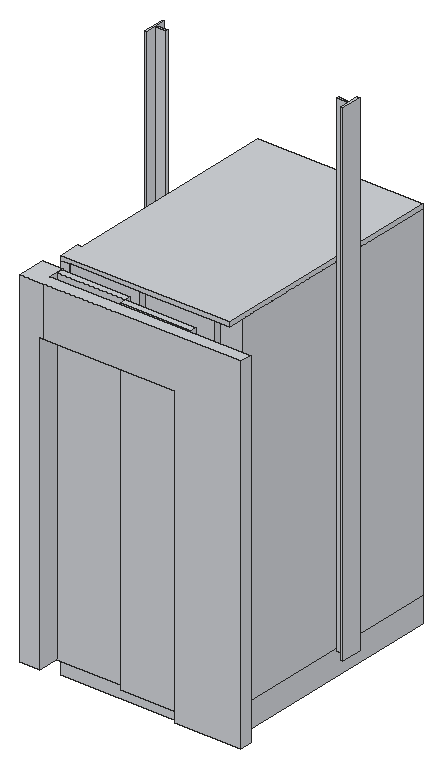
Revit family "SEQ_A3-M-Electric-Lift-wall-based", category Specialty Equipment, host Wall, Revit 2016
Family settings
  Host = Wall
  Part Type = Normal
  Round Connector Dimension = Use Diameter
  OmniClass Number = 23.50.05.14
  OmniClass Title = Lifts
  Always vertical = Yes
  Cut with Voids When Loaded = No
  Shared = No
  Room Calculation Point = No
Parameters (values of type "Lift 1300 x 950mm")
  Width = 950 mm
  Manufacturer = "Revit"
  Level Height = 3000 mm
  Length = 1300 mm
  Door Material = none
  D1 = 520 mm
  Assembly Code = "D1010"
Types (3, lengths in mm): name | Width | Length | D1
  Lift 1300 x 950mm | 950 | 1300 | 520
  Lift 1400 x 1100mm | 1100 | 1400 | 620
  Lift 2100 x 1100mm | 1100 | 2100 | 1000
Reference planes
  plane 1: y = 0
  plane 2 "Center (Left/Right)": x = 125
  plane 3 "Back": y = 100
  plane 4: x = -465.004
  plane 5: x = 875
  plane 6: z = 3000
Forms (mm)
  Extrusion 1, solid, material <- "Door Material"
    sketch origin (0, -115, 0) x (1, 0, 0) y (0, 1, 0)
      loop
        line (74, 325.86) -> (74, 289.86) -> (498, 289.86) -> (498, 325.86) -> (74, 325.86)
      loop
        line (-340.003, 281) -> (-340.003, 245) -> (80, 245) -> (80, 281) -> (-340.003, 281)
      loop
        line (75, 179.5) -> (-340, 179.5) -> (-340, 143.5) -> (75, 143.5) -> (75, 179.5)
      loop
        line (505, 138) -> (79, 138) -> (79, 102) -> (505, 102) -> (505, 138)
    from 0 to 2100
  Extrusion 2, solid
    sketch origin (0, 0, 0) x (1, 0, 0) y (0, 1, 0)
      loop
        line (-465.004, -95.421) -> (-325.004, -95.421) -> (875, -95.421) -> (875, -25.421) -> (-342.004, -25.421) -> (-342.004, 74.579) -> (-465.004, 74.579) -> (-465.004, -95.421)
    from 0 to 2100
  Extrusion 3, void
    sketch origin (-325.004, -95.421, 2100) x (0, 0, 1) y (1, 0, 0)
      loop
        line (-2100, -17) -> (-300, -17) -> (-300, 800.004) -> (-2100, 800.004) -> (-2100, -17)
    from 0 to 195.421
  Extrusion 4, solid
    sketch origin (0, 0, 0) x (1, 0, 0) y (0, 1, 0)
      loop
        line (-375, 1590) -> (-375, 260.001) -> (-400, 260.001) -> (-400, 130) -> (-342.004, 130) -> (-342.004, 214.002) -> (-317.004, 214.002) -> (-317.004, 260.001) -> (-350, 260.001) -> (-350, 810) -> (-335.239, 810) -> (-335.239, 1040) -> (-350, 1040) -> (-350, 1560) -> (600, 1560) -> (600, 260) -> (475, 260) -> (475, 232.175) -> (625, 232.175) -> (625, 1590) -> (-375, 1590)
    from 0 to 2100
  Extrusion 5, solid
    sketch origin (0, 0, 2100) x (1, 0, 0) y (0, 1, 0)
      loop
        line (-375, 1590) -> (-375, 260.001) -> (-400, 260.001) -> (-400, 130) -> (625, 130) -> (625, 1590) -> (-375, 1590)
    from 0 to 25
  Extrusion 6, solid
    sketch origin (0, 0, 0) x (1, 0, 0) y (0, 1, 0)
      loop
        line (625, 1590) -> (-375, 1590) -> (-375, 260.001) -> (-400, 260.001) -> (-400, 130) -> (625, 130) -> (625, 1590)
    from -150 to 0
  Extrusion 7, solid, detail levels medium+fine
    sketch origin (0, 0, 0) x (1, 0, 0) y (0, 1, 0)
      loop
        line (-392.021, 931.196) -> (-457.107, 931.196) -> (-460.021, 988.5) -> (-473.021, 988.5) -> (-473.021, 861.5) -> (-460.021, 861.5) -> (-457.021, 918.7) -> (-392.021, 918.7) -> (-392.021, 931.196)
      loop
        line (642.021, 918.7) -> (707.021, 918.7) -> (710.021, 861.5) -> (723.021, 861.5) -> (723.021, 988.5) -> (710.021, 988.5) -> (707.107, 931.196) -> (642.021, 931.196) -> (642.021, 918.7)
    from 0 to 3000
Cuts and joins
  Extrusion 3 cuts Extrusion 2
Lines and regions (mm)
  Opening 1
    outline origin (-5000, -100, 0) x (1, 0, 0) y (0, 0, 1)
      loop
        line (5875, 0) -> (5875, 2100) -> (4534.996, 2100) -> (4534.996, 0) -> (5875, 0)
  symbolic lines, style "InvisibleLines"
    curve 1: line (-534, 100, 0) -> (-534, 1640, 0)
    curve 2: line (-534, 1640, 0) -> (1016, 1640, 0)
    curve 3: line (1016, 1640, 0) -> (1016, 100, 0)
  symbolic lines, style "SpecialityEquipment", detail levels fine
    curve 4: line (804.672, 1590.548, 0) -> (854.672, 1590.548, 0)
    curve 5: line (854.672, 1590.548, 0) -> (854.672, 1584.548, 0)
    curve 6: line (854.672, 1584.548, 0) -> (832.672, 1584.548, 0)
    curve 7: line (832.672, 1584.548, 0) -> (832.672, 1541.048, 0)
    curve 8: line (832.672, 1541.048, 0) -> (826.672, 1541.048, 0)
    curve 9: line (826.672, 1541.048, 0) -> (826.672, 1584.548, 0)
    curve 10: line (826.672, 1584.548, 0) -> (804.672, 1584.548, 0)
    curve 11: line (804.672, 1584.548, 0) -> (804.672, 1590.548, 0)
    curve 16: line (829.672, 1011.042, 0) -> (829.672, 1590.548, 0)
    curve 67: line (804.672, 1011.042, 0) -> (854.672, 1011.042, 0)
    curve 68: line (854.672, 1011.042, 0) -> (854.672, 1017.042, 0)
    curve 69: line (854.672, 1017.042, 0) -> (832.672, 1017.042, 0)
    curve 70: line (832.672, 1017.042, 0) -> (832.672, 1060.542, 0)
    curve 71: line (832.672, 1060.542, 0) -> (826.672, 1060.542, 0)
    curve 72: line (826.672, 1060.542, 0) -> (826.672, 1017.042, 0)
    curve 73: line (826.672, 1017.042, 0) -> (804.672, 1017.042, 0)
    curve 74: line (804.672, 1017.042, 0) -> (804.672, 1011.042, 0)
  symbolic lines, style "SpecialityEquipment"
    curve 12: line (884.673, 1084.828, 0) -> (774.672, 1084.828, 0)
    curve 13: line (774.672, 1084.828, 0) -> (774.672, 1521.045, 0)
    curve 14: line (774.672, 1521.045, 0) -> (884.673, 1521.045, 0)
    curve 15: line (884.673, 1521.045, 0) -> (884.673, 1084.828, 0)
  symbolic lines, style "SpecialityEquipment", detail levels medium+fine
    curve 17: line (625, 232.175, 0) -> (625, 1590, 0)
    curve 18: line (625, 1590, 0) -> (-375, 1590, 0)
    curve 19: line (-375, 1590, 0) -> (-375, 260.001, 0)
    curve 20: line (-350, 1040, 0) -> (-350, 1560, 0)
    curve 21: line (-350, 1560, 0) -> (600, 1560, 0)
    curve 22: line (600, 1560, 0) -> (600, 260, 0)
    curve 23: line (-350, 260.001, 0) -> (-350, 810, 0)
    curve 24: line (-335.239, 1040, 0) -> (-375, 1040, 0)
    curve 25: line (-335.239, 810, 0) -> (-335.239, 1040, 0)
    curve 26: line (-375, 810, 0) -> (-335.239, 810, 0)
  symbolic lines, detail levels medium+fine
    curve 27: line (-342.004, 130, 0) -> (-342.004, 214.002, 0)
    curve 28: line (-342.004, 214.002, 0) -> (-317.004, 214.002, 0)
    curve 29: line (-317.004, 214.002, 0) -> (-317.004, 260.001, 0)
    curve 30: line (-317.004, 260.001, 0) -> (-400, 260.001, 0)
    curve 31: line (-400, 260.001, 0) -> (-400, 130, 0)
    curve 32: line (74, 174.86, 0) -> (74, 210.86, 0)
    curve 33: line (74, 210.86, 0) -> (498, 210.86, 0)
    curve 34: line (498, 210.86, 0) -> (498, 174.86, 0)
    curve 35: line (498, 174.86, 0) -> (74, 174.86, 0)
    curve 36: line (-340.003, 165.999, 0) -> (80, 165.999, 0)
    curve 37: line (80, 165.999, 0) -> (80, 129.999, 0)
    curve 38: line (-340.003, 129.999, 0) -> (-340.003, 165.999, 0)
    curve 39: line (75, 64.5, 0) -> (-340, 64.5, 0)
    curve 40: line (-340, 64.5, 0) -> (-340, 28.5, 0)
    curve 41: line (-340, 28.5, 0) -> (75, 28.5, 0)
    curve 42: line (75, 28.5, 0) -> (75, 64.5, 0)
    curve 43: line (505, 23, 0) -> (79, 23, 0)
    curve 44: line (79, 23, 0) -> (79, -13, 0)
    curve 45: line (79, -13, 0) -> (505, -13, 0)
    curve 46: line (505, -13, 0) -> (505, 23, 0)
    curve 47: line (-342.004, 74.579, 0) -> (-342.004, -25.421, 0)
    curve 48: line (-342.004, -25.421, 0) -> (-325.004, -25.421, 0)
    curve 49: line (-325.004, -25.421, 0) -> (-325.004, -95.421, 0)
    curve 50: line (-325.004, -95.421, 0) -> (-465.004, -95.421, 0)
    curve 51: line (-465.004, -95.421, 0) -> (-465.004, 74.579, 0)
    curve 52: line (-465.004, 74.579, 0) -> (-342.004, 74.579, 0)
    curve 53: line (-400, 130, 0) -> (-342.004, 130, 0)
    curve 54: line (-340.003, 129.999, 0) -> (80, 129.999, 0)
    curve 55: line (-342.004, 74.579, 0) -> (875, 74.579, 0)
    curve 56: line (875, 74.579, 0) -> (875, -25.422, 0)
    curve 57: line (875, -25.422, 0) -> (615, -25.422, 0)
    curve 58: line (615, -25.422, 0) -> (615, -69.545, 0)
    curve 59: line (615, -69.545, 0) -> (475, -69.545, 0)
    curve 60: line (475, -69.545, 0) -> (475, -25.422, 0)
    curve 61: line (475, -25.422, 0) -> (615, -25.422, 0)
    curve 62: line (625, 232.175, 0) -> (475, 232.175, 0)
    curve 63: line (475, 232.175, 0) -> (475, 260, 0)
    curve 64: line (475, 260, 0) -> (600, 260, 0)
    curve 65: line (675, 260, 0) -> (675, 130, 0)
    curve 66: line (675, 130, 0) -> (80, 130, 0)
    curve 75: line (710.021, 988.5, 0) -> (723.021, 988.5, 0)
    curve 76: line (707.107, 931.196, 0) -> (710.021, 988.5, 0)
    curve 77: line (723.021, 988.5, 0) -> (723.021, 861.5, 0)
    curve 78: line (642.021, 931.196, 0) -> (707.107, 931.196, 0)
    curve 79: line (642.021, 931.196, 0) -> (642.021, 918.7, 0)
    curve 80: line (642.021, 918.7, 0) -> (707.021, 918.7, 0)
    curve 81: line (707.021, 918.7, 0) -> (710.021, 861.5, 0)
    curve 82: line (710.021, 861.5, 0) -> (723.021, 861.5, 0)
    curve 83: line (-460.021, 988.5, 0) -> (-473.021, 988.5, 0)
    curve 84: line (-457.107, 931.196, 0) -> (-460.021, 988.5, 0)
    curve 85: line (-473.021, 988.5, 0) -> (-473.021, 861.5, 0)
    curve 86: line (-392.021, 931.196, 0) -> (-457.107, 931.196, 0)
    curve 87: line (-392.021, 931.196, 0) -> (-392.021, 918.7, 0)
    curve 88: line (-392.021, 918.7, 0) -> (-457.021, 918.7, 0)
    curve 89: line (-457.021, 918.7, 0) -> (-460.021, 861.5, 0)
    curve 90: line (-460.021, 861.5, 0) -> (-473.021, 861.5, 0)
    curve 91: line (625, 260, 0) -> (675, 260, 0)
    curve 98: line (-465.004, 100, 0) -> (875, 100, 0)
  symbolic lines, detail levels coarse
    curve 92: line (-350, 1560, 0) -> (600, 1560, 0)
    curve 93: line (600, 1560, 0) -> (600, 260, 0)
    curve 94: line (-350, 260.001, 0) -> (-350, 1560, 0)
    curve 95: line (-350, 260, 0) -> (600, 260, 0)
    curve 96: line (-350, 1560, 0) -> (600, 260, 0)
    curve 97: line (600, 1560, 0) -> (-350, 260.001, 0)
Text (mm)
  text "Placement side" at (-2223.83, 916.262, 0), in view "Ref. Level"
  text "Placement side" at (0, 1605.175, 2923.955), in view "Left"
  text "Placement side" at (0, 595.982, 3004.978), in view "Right"
Dimensions and locks
  locked: plane 3 "Back" to host wall at 0
  plane 3 "Back" to curve 2 = 1540 mm
  curve 1 to curve 3 = 1550 mm
  curve 13 to curve 15 = 110.002 mm
  curve 12 to curve 14 = 436.217 mm  (x2)
  locked: curve 19 to curve 20 at 25
  locked: curve 21 to curve 18 at 30
  locked: curve 22 to curve 17 at 25
  locked: curve 19 to curve 25 at 39.761
  locked: curve 24 to curve 26 at 230
  curve 32 to curve 34 = 424 mm
  locked: curve 35 to curve 33 at 36
  locked: curve 54 to curve 36 at 36
  locked: curve 41 to curve 39 at 36
  locked: curve 43 to curve 45 at 36
  equal spacing: curve 31, plane 4, curve 1
  locked: curve 17 to curve 13 at 149.672
  locked: curve 19 to curve 23 at 25
  "Width": curve 20 to curve 22
  locked: curve 66 to curve 54 at 0
  locked: curve 66 to curve 64 at 130.001
  locked: curve 57 to curve 55 at 100
  plane 3 "Back" to curve 64 = 160 mm
  locked: curve 2 to curve 18 at 50
  locked: curve 1 to curve 19 at 159
  locked: curve 17 to curve 3 at 391
  locked: curve 30 to curve 53 at 130.001
  locked: curve 50 to curve 52 at 170
  curve 31 to curve 27 to curve 29 = 57.996 mm locked, 25 mm locked
  locked: curve 47 to curve 49 at 17
  curve 60 to curve 58 to curve 56 = 140 mm locked, 260 mm locked
  locked: curve 30 to curve 64 at 0
  "Length": curve 64 to curve 21
  locked: curve 31 to curve 19 at 25
  locked: curve 80 to curve 78 at 12.496
  locked: curve 79 to curve 77 at 81
  locked: curve 82 to curve 75 at 127
  locked: curve 17 to curve 79 at 17.021
  locked: curve 88 to curve 86 at 12.496
  locked: curve 90 to curve 83 at 127
  locked: curve 87 to curve 19 at 17.021
  equal spacing: curve 20, plane 2 "Center (Left/Right)", curve 22
  locked: curve 14 to curve 2 at 118.955
  locked: curve 85 to curve 87 at 81
  locked: curve 85 to curve 86 at 15.914
  locked: curve 85 to curve 89 at 16
  locked: curve 85 to curve 90 at 13
  locked: curve 85 to curve 84 at 13
  "D1": curve 21 to curve 24
  locked: curve 78 to curve 77 at 15.914
  locked: curve 76 to curve 77 at 13
  locked: curve 81 to curve 77 at 16
  locked: curve 82 to curve 77 at 13
  locked: curve 78 to curve 75 at 57.305
  locked: curve 59 to curve 61 at 44.123
  locked: curve 50 to curve 48 at 70
  "Width": curve 94 to curve 93
  "Length": curve 95 to curve 92
  locked: curve 83 to curve 86 at 57.304
  "Level Height": level to plane 6
  equal spacing: curve 13, curve 16, curve 15
  locked: curve 11 to curve 5 at 50
  locked: curve 9 to curve 7 at 6
  locked: curve 13 to curve 11 at 30
  locked: curve 72 to curve 70 at 6
  locked: curve 74 to curve 68 at 50
  locked: curve 13 to curve 74 at 30
  locked: curve 74 to curve 72 at 22
  locked: curve 11 to curve 9 at 22
  aligned and locked: plane 1 to host wall
  aligned and locked: Extrusion 1 sketch curve to curve 33
  aligned and locked: Extrusion 1 sketch curve to curve 34
  aligned and locked: Extrusion 1 sketch curve to curve 35
  aligned and locked: Extrusion 1 sketch curve to curve 32
  aligned and locked: Extrusion 1 sketch curve to curve 36
  aligned and locked: Extrusion 1 sketch curve to curve 37
  aligned and locked: Extrusion 1 sketch curve to curve 54
  aligned and locked: Extrusion 1 sketch curve to curve 38
  aligned and locked: Extrusion 1 sketch curve to curve 39
  aligned and locked: Extrusion 1 sketch curve to curve 40
  aligned and locked: Extrusion 1 sketch curve to curve 41
  aligned and locked: Extrusion 1 sketch curve to curve 42
  aligned and locked: Extrusion 1 sketch curve to curve 43
  aligned and locked: Extrusion 1 sketch curve to curve 44
  aligned and locked: Extrusion 1 sketch curve to curve 45
  aligned and locked: Extrusion 1 sketch curve to curve 46
  aligned and locked: curve 27 to curve 47
  aligned and locked: curve 86 to curve 78
  aligned and locked: plane 5 to Opening 1 sketch curve
  aligned and locked: plane 4 to Extrusion 2 sketch curve
  aligned and locked: Extrusion 2 sketch curve to plane 5
  aligned and locked: host wall to Extrusion 3
  aligned and locked: Extrusion 4 sketch curve to curve 19
  aligned and locked: Extrusion 4 sketch curve to curve 18
  aligned and locked: Extrusion 4 sketch curve to curve 17
  aligned and locked: Extrusion 4 sketch curve to curve 62
  aligned and locked: Extrusion 4 sketch curve to curve 64
  aligned and locked: Extrusion 4 sketch curve to curve 22
  aligned and locked: Extrusion 4 sketch curve to curve 63
  aligned and locked: Extrusion 4 sketch curve to curve 21
  aligned and locked: Extrusion 4 sketch curve to curve 20
  aligned and locked: Extrusion 4 sketch curve to curve 25
  aligned and locked: Extrusion 4 sketch curve to curve 23
  aligned and locked: Extrusion 4 sketch curve to curve 24
  aligned and locked: curve 26 to Extrusion 4 sketch curve
  aligned and locked: Extrusion 4 sketch curve to curve 31
  aligned and locked: Extrusion 4 sketch curve to curve 30
  aligned and locked: Extrusion 4 sketch curve to curve 53
  aligned and locked: Extrusion 4 sketch curve to curve 27
  aligned and locked: Extrusion 4 sketch curve to curve 28
  aligned and locked: Extrusion 4 sketch curve to curve 29
  aligned and locked: Extrusion 5 sketch curve to Extrusion 4  (x6)
  aligned and locked: Extrusion 6 sketch curve to Extrusion 5  (x6)
  aligned and locked: Extrusion 7 sketch curve to curve 86
  aligned and locked: Extrusion 7 sketch curve to curve 84
  aligned and locked: Extrusion 7 sketch curve to curve 83
  aligned and locked: Extrusion 7 sketch curve to curve 85
  aligned and locked: Extrusion 7 sketch curve to curve 90
  aligned and locked: Extrusion 7 sketch curve to curve 89
  aligned and locked: Extrusion 7 sketch curve to curve 88
  aligned and locked: Extrusion 7 sketch curve to curve 87
  aligned and locked: Extrusion 7 sketch curve to curve 80
  aligned and locked: Extrusion 7 sketch curve to curve 81
  aligned and locked: Extrusion 7 sketch curve to curve 82
  aligned and locked: Extrusion 7 sketch curve to curve 77
  aligned and locked: Extrusion 7 sketch curve to curve 75
  aligned and locked: Extrusion 7 sketch curve to curve 76
  aligned and locked: Extrusion 7 sketch curve to curve 78
  aligned and locked: Extrusion 7 sketch curve to curve 79
  aligned and locked: Extrusion 7 to plane 6
  aligned and locked: Extrusion 7 to level
  aligned and locked: curve 51 to plane 4
  aligned: host wall to curve 1
  aligned: host wall to curve 3
Automatic sketch dimensions
  Opening 1 sketch curve to level = 0 mm
  Opening 1 sketch curve to plane 4 = 0 mm
  level to Opening 1 sketch curve = 2100 mm
  Extrusion 2 sketch curve to host wall = 25.421 mm
  Extrusion 2 sketch curve to plane 4 = 123 mm
  Extrusion 2 sketch curve to host wall = 4.579 mm
  Extrusion 2 sketch curve to Extrusion 2 sketch curve = 17 mm
  host wall to Extrusion 2 sketch curve = 25.421 mm  (x2)
  Extrusion 3 sketch curve to level = 0 mm
  plane 5 to Extrusion 3 sketch curve = 400 mm
  level to Extrusion 3 sketch curve = 1800 mm
  Extrusion 3 sketch curve to plane 4 = 123 mm
  Extrusion 4 sketch curve to Extrusion 4 sketch curve = 0 mm
  curve 98 to host wall = 0 mm
  curve 98 to plane 4 = 0 mm
  curve 98 to plane 5 = 0 mm
  curve 56 to plane 5 = 0 mm
  curve 1 to host wall = 0 mm
  curve 3 to host wall = 0 mm
  curve 95 to curve 97 = 0 mm
  curve 27 to curve 38 = 2 mm
  curve 47 to curve 40 = 2.004 mm
  curve 33 to plane 2 "Center (Left/Right)" = 51 mm
  curve 42 to plane 2 "Center (Left/Right)" = 50 mm
  host wall to curve 45 = 13 mm
  curve 41 to curve 45 = 4 mm
  curve 32 to curve 36 = 6 mm
  curve 37 to curve 66 = 0 mm
  curve 63 to curve 33 = 23 mm
  curve 60 to curve 46 = 30 mm
  curve 17 to curve 65 = 50 mm
  host wall to curve 48 = 25.421 mm
  curve 40 to host wall = 28.5 mm
  curve 36 to curve 32 = 8.861 mm
  curve 29 to curve 29 = 45.999 mm
  curve 62 to curve 22 = 27.826 mm
  curve 17 to curve 91 = 27.826 mm
  curve 26 to curve 89 = 51.5 mm
  curve 68 to curve 12 = 73.786 mm
  curve 67 to curve 74 = 6 mm
  curve 67 to curve 69 = 6 mm
  curve 69 to curve 71 = 43.5 mm
  curve 13 to curve 8 = 20.003 mm
  curve 7 to curve 6 = 43.5 mm
  curve 9 to curve 6 = 0 mm
  curve 6 to curve 16 = 6 mm
